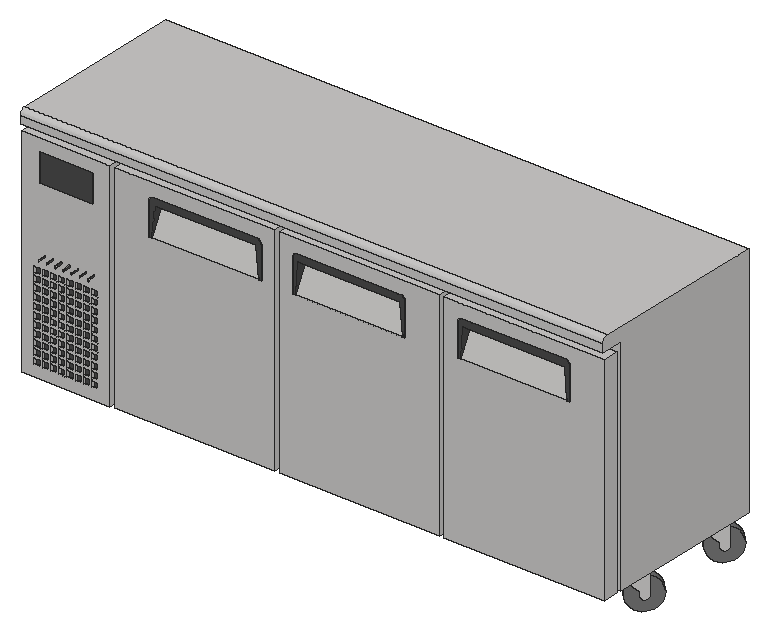
Revit family "QF_Turbo Air_JUR-72N", category Specialty Equipment, Revit 2012
Parameters
  Weight in Pounds = 240
  Watermarked By = "http://revitwatermark.com"
  Volts = 115 V
  URL Cutsheet = ""
  URL = "www.turboairinc.com"
  Status [instance] = ""
  Specification by User [instance] = ""
  Specification by Manufacturer [instance] = ""
  Serial Number [instance] = ""
  Revision Code [instance] = ""
  Phase = 1
  Number of Poles [instance] = 1
  NAFEM Spec ID Number [instance] = ""
  Model = "JUR-72N"
  Masterspec [instance] = ""
  Manufacturer = "Turbo Air"  # constant formula
  Legs [instance] = [6 inch Legs]  # no
  Item Number [instance] = "-"
  Installed By [instance] = ""
  HP = "1/4"
  Furnished By [instance] = ""
  Foodservice Equipment Identifier = yes
  FL Amps = 4.8 A
  Electrical Remarks [instance] = ""
  Electric Connection Type [instance] = ""
  Elec Conn RI Height [instance] = 0' - 0"
  Elec Conn Connection Height = 1' - 0"
  Description = "Undercounter Refrigerator"
  Cycle = 60 Hz
  Conn Plug = "NEMA 5-15P"
  Casters [instance] = not(Legs)  # yes
  CasterLeg Height [instance] = if([4 inch Casters], 0' 5", if([5 inch Casters], 0' 5 3/4", if([2_5 inch Casters], 0' 3 3/8", 0' 6")))  # 0' - 5"
  CSI MasterFormat = "11 41 13"
  Assembly Code = "E1090320"
  Apparent Power = if(Phase = 3, Volts * FL Amps * 1.73, Volts * FL Amps)  # 552 VA
  6 inch Legs [instance] = no
  5 inch Casters [instance] = no
  4 inch Casters [instance] = yes
  2_5 inch Casters [instance] = no
Reference planes (in)
  plane 1 "BACK": y = -5.375
  plane 2: z = 0
  plane 3 "LEFT": x = -20.72594
  plane 4 "Bottom": z = 5
  plane 5 "Back Stops": y = -4.375
  plane 6 "RIGHT": x = 50.14906
  plane 7 "FRONT": y = -29
  plane 8 "Door Clearance": y = -45.125
  plane 9 "Back of Door": y = -25.4375
  plane 10 "Front of Box": y = -24.75
  plane 11 "Counter Top": z = 33.75
  plane 12 "Top of Door": z = 31.25
  plane 13 "Front of Doors": y = -27.25
  plane 14 "Front of Ledge": y = -27.5
  plane 15 "Left of Right Door": x = 30.64906
  plane 16 "Right of Grill": x = -9.97594
  plane 17 "Right of Left Door": x = 10.02406
  plane 18 "Left of Left Door": x = -9.47594
  plane 19: x = 10.58656
  plane 20: x = 30.08656
  plane 21 "Right Handle LR": x = 34.21156
Forms (in)
  Extrusion 1, solid, material "QF_Finishes_Stainless Steel"
    sketch origin (-20.72594, 0, 0) x (0, 1, 0) y (0, 0, 1)
      loop
        line (-5.375, 5) -> (-5.375, 33.75) -> (-26.8125, 33.75)
        arc (-26.8125, 33.75) -> (-27.29864, 33.54864) -> (-27.5, 33.0625) r 0.6875
        line (-27.5, 33.0625) -> (-27.5, 32.125) -> (-24.75, 32.125) -> (-24.75, 5) -> (-5.375, 5)
    from 0 to 70.875
  Extrusion 2, solid, material "QF_Finishes_Black"
    sketch origin (0, -24.75, 0) x (1, 0, 0) y (0, 0, 1)
      loop
        line (49.14906, 6) -> (49.14906, 30.25) -> (31.64906, 30.25) -> (31.64906, 6) -> (49.14906, 6)
      loop
        line (9.02406, 6) -> (9.02406, 30.25) -> (-8.47594, 30.25) -> (-8.47594, 6) -> (9.02406, 6)
      loop
        line (29.08656, 6) -> (29.08656, 30.25) -> (11.58656, 30.25) -> (11.58656, 6) -> (29.08656, 6)
    from 0 to 0.6875
  Extrusion 3, solid, material "QF_Finishes_Black"
    sketch origin (0, -5.375, 0) x (1, 0, 0) y (0, 0, 1)
      loop
        circle (-14.60094, 28.9375) r 0.5
      loop
        circle (44.02406, 28.9375) r 0.5
    from 0 to -1
  Extrusion 4, solid, material "QF_Finishes_Stainless Steel"
    sketch origin (0, -5.375, 0) x (1, 0, 0) y (0, 0, 1)
      loop
        circle (-15.35094, 11.125) r 0.25
    from 0 to -0.0625
  Extrusion 5, solid, material "QF_Finishes_Black"
    sketch origin (0, -24.75, 0) x (1, 0, 0) y (0, 0, 1)
      loop
        line (-19.72594, 5.875) -> (-10.97594, 5.875) -> (-10.97594, 19.125) -> (-19.72594, 19.125) -> (-19.72594, 5.875)
    from 0 to 2.25
  Extrusion 6, solid, material "QF_Finishes_Black"
    sketch origin (0, -24.75, 0) x (1, 0, 0) y (0, 0, 1)
      loop
        line (-18.53844, 29.75) -> (-18.53844, 26.375) -> (-12.16344, 26.375) -> (-12.16344, 29.75) -> (-18.53844, 29.75)
    from 0 to 2.5
  Extrusion 7, solid, material "QF_Finishes_Stainless Steel"
    sketch origin (0, -24.75, 0) x (1, 0, 0) y (0, 0, 1)
      loop
        line (-20.72594, 31.25) -> (-20.72594, 5) -> (-9.97594, 5) -> (-9.97594, 31.25) -> (-20.72594, 31.25)
      loop
        line (-11.47594, 7.125) -> (-12.22594, 7.125) -> (-12.22594, 6.375) -> (-11.47594, 6.375) -> (-11.47594, 7.125)
      loop
        line (-12.47594, 7.125) -> (-13.22594, 7.125) -> (-13.22594, 6.375) -> (-12.47594, 6.375) -> (-12.47594, 7.125)
      loop
        line (-13.47594, 7.125) -> (-14.22594, 7.125) -> (-14.22594, 6.375) -> (-13.47594, 6.375) -> (-13.47594, 7.125)
      loop
        line (-14.47594, 7.125) -> (-15.22594, 7.125) -> (-15.22594, 6.375) -> (-14.47594, 6.375) -> (-14.47594, 7.125)
      loop
        line (-15.47594, 7.125) -> (-16.22594, 7.125) -> (-16.22594, 6.375) -> (-15.47594, 6.375) -> (-15.47594, 7.125)
      loop
        line (-16.47594, 7.125) -> (-17.22594, 7.125) -> (-17.22594, 6.375) -> (-16.47594, 6.375) -> (-16.47594, 7.125)
      loop
        line (-17.47594, 7.125) -> (-18.22594, 7.125) -> (-18.22594, 6.375) -> (-17.47594, 6.375) -> (-17.47594, 7.125)
      loop
        line (-18.47594, 7.125) -> (-19.22594, 7.125) -> (-19.22594, 6.375) -> (-18.47594, 6.375) -> (-18.47594, 7.125)
      loop
        line (-11.47594, 8.125) -> (-12.22594, 8.125) -> (-12.22594, 7.375) -> (-11.47594, 7.375) -> (-11.47594, 8.125)
      loop
        line (-12.47594, 8.125) -> (-13.22594, 8.125) -> (-13.22594, 7.375) -> (-12.47594, 7.375) -> (-12.47594, 8.125)
      loop
        line (-13.47594, 8.125) -> (-14.22594, 8.125) -> (-14.22594, 7.375) -> (-13.47594, 7.375) -> (-13.47594, 8.125)
      loop
        line (-14.47594, 8.125) -> (-15.22594, 8.125) -> (-15.22594, 7.375) -> (-14.47594, 7.375) -> (-14.47594, 8.125)
      loop
        line (-15.47594, 8.125) -> (-16.22594, 8.125) -> (-16.22594, 7.375) -> (-15.47594, 7.375) -> (-15.47594, 8.125)
      loop
        line (-16.47594, 8.125) -> (-17.22594, 8.125) -> (-17.22594, 7.375) -> (-16.47594, 7.375) -> (-16.47594, 8.125)
      loop
        line (-17.47594, 8.125) -> (-18.22594, 8.125) -> (-18.22594, 7.375) -> (-17.47594, 7.375) -> (-17.47594, 8.125)
      loop
        line (-18.47594, 8.125) -> (-19.22594, 8.125) -> (-19.22594, 7.375) -> (-18.47594, 7.375) -> (-18.47594, 8.125)
      loop
        line (-11.47594, 9.125) -> (-12.22594, 9.125) -> (-12.22594, 8.375) -> (-11.47594, 8.375) -> (-11.47594, 9.125)
      loop
        line (-12.47594, 9.125) -> (-13.22594, 9.125) -> (-13.22594, 8.375) -> (-12.47594, 8.375) -> (-12.47594, 9.125)
      loop
        line (-13.47594, 9.125) -> (-14.22594, 9.125) -> (-14.22594, 8.375) -> (-13.47594, 8.375) -> (-13.47594, 9.125)
      loop
        line (-14.47594, 9.125) -> (-15.22594, 9.125) -> (-15.22594, 8.375) -> (-14.47594, 8.375) -> (-14.47594, 9.125)
      loop
        line (-15.47594, 9.125) -> (-16.22594, 9.125) -> (-16.22594, 8.375) -> (-15.47594, 8.375) -> (-15.47594, 9.125)
      loop
        line (-16.47594, 9.125) -> (-17.22594, 9.125) -> (-17.22594, 8.375) -> (-16.47594, 8.375) -> (-16.47594, 9.125)
      loop
        line (-17.47594, 9.125) -> (-18.22594, 9.125) -> (-18.22594, 8.375) -> (-17.47594, 8.375) -> (-17.47594, 9.125)
      loop
        line (-18.47594, 9.125) -> (-19.22594, 9.125) -> (-19.22594, 8.375) -> (-18.47594, 8.375) -> (-18.47594, 9.125)
      loop
        line (-11.47594, 10.125) -> (-12.22594, 10.125) -> (-12.22594, 9.375) -> (-11.47594, 9.375) -> (-11.47594, 10.125)
      loop
        line (-12.47594, 10.125) -> (-13.22594, 10.125) -> (-13.22594, 9.375) -> (-12.47594, 9.375) -> (-12.47594, 10.125)
      loop
        line (-13.47594, 10.125) -> (-14.22594, 10.125) -> (-14.22594, 9.375) -> (-13.47594, 9.375) -> (-13.47594, 10.125)
      loop
        line (-14.47594, 10.125) -> (-15.22594, 10.125) -> (-15.22594, 9.375) -> (-14.47594, 9.375) -> (-14.47594, 10.125)
      loop
        line (-15.47594, 10.125) -> (-16.22594, 10.125) -> (-16.22594, 9.375) -> (-15.47594, 9.375) -> (-15.47594, 10.125)
      loop
        line (-16.47594, 10.125) -> (-17.22594, 10.125) -> (-17.22594, 9.375) -> (-16.47594, 9.375) -> (-16.47594, 10.125)
      loop
        line (-17.47594, 10.125) -> (-18.22594, 10.125) -> (-18.22594, 9.375) -> (-17.47594, 9.375) -> (-17.47594, 10.125)
      loop
        line (-18.47594, 10.125) -> (-19.22594, 10.125) -> (-19.22594, 9.375) -> (-18.47594, 9.375) -> (-18.47594, 10.125)
      loop
        line (-11.47594, 11.125) -> (-12.22594, 11.125) -> (-12.22594, 10.375) -> (-11.47594, 10.375) -> (-11.47594, 11.125)
      loop
        line (-12.47594, 11.125) -> (-13.22594, 11.125) -> (-13.22594, 10.375) -> (-12.47594, 10.375) -> (-12.47594, 11.125)
      loop
        line (-13.47594, 11.125) -> (-14.22594, 11.125) -> (-14.22594, 10.375) -> (-13.47594, 10.375) -> (-13.47594, 11.125)
      loop
        line (-14.47594, 11.125) -> (-15.22594, 11.125) -> (-15.22594, 10.375) -> (-14.47594, 10.375) -> (-14.47594, 11.125)
      loop
        line (-15.47594, 11.125) -> (-16.22594, 11.125) -> (-16.22594, 10.375) -> (-15.47594, 10.375) -> (-15.47594, 11.125)
      loop
        line (-16.47594, 11.125) -> (-17.22594, 11.125) -> (-17.22594, 10.375) -> (-16.47594, 10.375) -> (-16.47594, 11.125)
      loop
        line (-17.47594, 11.125) -> (-18.22594, 11.125) -> (-18.22594, 10.375) -> (-17.47594, 10.375) -> (-17.47594, 11.125)
      loop
        line (-18.47594, 11.125) -> (-19.22594, 11.125) -> (-19.22594, 10.375) -> (-18.47594, 10.375) -> (-18.47594, 11.125)
      loop
        line (-11.47594, 12.125) -> (-12.22594, 12.125) -> (-12.22594, 11.375) -> (-11.47594, 11.375) -> (-11.47594, 12.125)
      loop
        line (-12.47594, 12.125) -> (-13.22594, 12.125) -> (-13.22594, 11.375) -> (-12.47594, 11.375) -> (-12.47594, 12.125)
      loop
        line (-13.47594, 12.125) -> (-14.22594, 12.125) -> (-14.22594, 11.375) -> (-13.47594, 11.375) -> (-13.47594, 12.125)
      loop
        line (-14.47594, 12.125) -> (-15.22594, 12.125) -> (-15.22594, 11.375) -> (-14.47594, 11.375) -> (-14.47594, 12.125)
      loop
        line (-15.47594, 12.125) -> (-16.22594, 12.125) -> (-16.22594, 11.375) -> (-15.47594, 11.375) -> (-15.47594, 12.125)
      loop
        line (-16.47594, 12.125) -> (-17.22594, 12.125) -> (-17.22594, 11.375) -> (-16.47594, 11.375) -> (-16.47594, 12.125)
      loop
        line (-17.47594, 12.125) -> (-18.22594, 12.125) -> (-18.22594, 11.375) -> (-17.47594, 11.375) -> (-17.47594, 12.125)
      loop
        line (-18.47594, 12.125) -> (-19.22594, 12.125) -> (-19.22594, 11.375) -> (-18.47594, 11.375) -> (-18.47594, 12.125)
      loop
        line (-11.47594, 13.125) -> (-12.22594, 13.125) -> (-12.22594, 12.375) -> (-11.47594, 12.375) -> (-11.47594, 13.125)
      loop
        line (-12.47594, 13.125) -> (-13.22594, 13.125) -> (-13.22594, 12.375) -> (-12.47594, 12.375) -> (-12.47594, 13.125)
      loop
        line (-13.47594, 13.125) -> (-14.22594, 13.125) -> (-14.22594, 12.375) -> (-13.47594, 12.375) -> (-13.47594, 13.125)
      loop
        line (-14.47594, 13.125) -> (-15.22594, 13.125) -> (-15.22594, 12.375) -> (-14.47594, 12.375) -> (-14.47594, 13.125)
      loop
        line (-15.47594, 13.125) -> (-16.22594, 13.125) -> (-16.22594, 12.375) -> (-15.47594, 12.375) -> (-15.47594, 13.125)
      loop
        line (-16.47594, 13.125) -> (-17.22594, 13.125) -> (-17.22594, 12.375) -> (-16.47594, 12.375) -> (-16.47594, 13.125)
      loop
        line (-17.47594, 13.125) -> (-18.22594, 13.125) -> (-18.22594, 12.375) -> (-17.47594, 12.375) -> (-17.47594, 13.125)
      loop
        line (-18.47594, 13.125) -> (-19.22594, 13.125) -> (-19.22594, 12.375) -> (-18.47594, 12.375) -> (-18.47594, 13.125)
      loop
        line (-11.47594, 14.125) -> (-12.22594, 14.125) -> (-12.22594, 13.375) -> (-11.47594, 13.375) -> (-11.47594, 14.125)
      loop
        line (-12.47594, 14.125) -> (-13.22594, 14.125) -> (-13.22594, 13.375) -> (-12.47594, 13.375) -> (-12.47594, 14.125)
      loop
        line (-13.47594, 14.125) -> (-14.22594, 14.125) -> (-14.22594, 13.375) -> (-13.47594, 13.375) -> (-13.47594, 14.125)
      loop
        line (-14.47594, 14.125) -> (-15.22594, 14.125) -> (-15.22594, 13.375) -> (-14.47594, 13.375) -> (-14.47594, 14.125)
      loop
        line (-15.47594, 14.125) -> (-16.22594, 14.125) -> (-16.22594, 13.375) -> (-15.47594, 13.375) -> (-15.47594, 14.125)
      loop
        line (-16.47594, 14.125) -> (-17.22594, 14.125) -> (-17.22594, 13.375) -> (-16.47594, 13.375) -> (-16.47594, 14.125)
      loop
        line (-17.47594, 14.125) -> (-18.22594, 14.125) -> (-18.22594, 13.375) -> (-17.47594, 13.375) -> (-17.47594, 14.125)
      loop
        line (-18.47594, 14.125) -> (-19.22594, 14.125) -> (-19.22594, 13.375) -> (-18.47594, 13.375) -> (-18.47594, 14.125)
      loop
        line (-11.47594, 15.125) -> (-12.22594, 15.125) -> (-12.22594, 14.375) -> (-11.47594, 14.375) -> (-11.47594, 15.125)
      loop
        line (-12.47594, 15.125) -> (-13.22594, 15.125) -> (-13.22594, 14.375) -> (-12.47594, 14.375) -> (-12.47594, 15.125)
      loop
        line (-13.47594, 15.125) -> (-14.22594, 15.125) -> (-14.22594, 14.375) -> (-13.47594, 14.375) -> (-13.47594, 15.125)
      loop
        line (-14.47594, 15.125) -> (-15.22594, 15.125) -> (-15.22594, 14.375) -> (-14.47594, 14.375) -> (-14.47594, 15.125)
      loop
        line (-15.47594, 15.125) -> (-16.22594, 15.125) -> (-16.22594, 14.375) -> (-15.47594, 14.375) -> (-15.47594, 15.125)
      loop
        line (-16.47594, 15.125) -> (-17.22594, 15.125) -> (-17.22594, 14.375) -> (-16.47594, 14.375) -> (-16.47594, 15.125)
      loop
        line (-17.47594, 15.125) -> (-18.22594, 15.125) -> (-18.22594, 14.375) -> (-17.47594, 14.375) -> (-17.47594, 15.125)
      loop
        line (-18.47594, 15.125) -> (-19.22594, 15.125) -> (-19.22594, 14.375) -> (-18.47594, 14.375) -> (-18.47594, 15.125)
      loop
        line (-11.47594, 16.125) -> (-12.22594, 16.125) -> (-12.22594, 15.375) -> (-11.47594, 15.375) -> (-11.47594, 16.125)
      loop
        line (-12.47594, 16.125) -> (-13.22594, 16.125) -> (-13.22594, 15.375) -> (-12.47594, 15.375) -> (-12.47594, 16.125)
      loop
        line (-13.47594, 16.125) -> (-14.22594, 16.125) -> (-14.22594, 15.375) -> (-13.47594, 15.375) -> (-13.47594, 16.125)
      loop
        line (-14.47594, 16.125) -> (-15.22594, 16.125) -> (-15.22594, 15.375) -> (-14.47594, 15.375) -> (-14.47594, 16.125)
      loop
        line (-15.47594, 16.125) -> (-16.22594, 16.125) -> (-16.22594, 15.375) -> (-15.47594, 15.375) -> (-15.47594, 16.125)
      loop
        line (-16.47594, 16.125) -> (-17.22594, 16.125) -> (-17.22594, 15.375) -> (-16.47594, 15.375) -> (-16.47594, 16.125)
      loop
        line (-17.47594, 16.125) -> (-18.22594, 16.125) -> (-18.22594, 15.375) -> (-17.47594, 15.375) -> (-17.47594, 16.125)
      loop
        line (-18.47594, 16.125) -> (-19.22594, 16.125) -> (-19.22594, 15.375) -> (-18.47594, 15.375) -> (-18.47594, 16.125)
      loop
        line (-11.47594, 17.125) -> (-12.22594, 17.125) -> (-12.22594, 16.375) -> (-11.47594, 16.375) -> (-11.47594, 17.125)
      loop
        line (-12.47594, 17.125) -> (-13.22594, 17.125) -> (-13.22594, 16.375) -> (-12.47594, 16.375) -> (-12.47594, 17.125)
      loop
        line (-13.47594, 17.125) -> (-14.22594, 17.125) -> (-14.22594, 16.375) -> (-13.47594, 16.375) -> (-13.47594, 17.125)
      loop
        line (-14.47594, 17.125) -> (-15.22594, 17.125) -> (-15.22594, 16.375) -> (-14.47594, 16.375) -> (-14.47594, 17.125)
      loop
        line (-15.47594, 17.125) -> (-16.22594, 17.125) -> (-16.22594, 16.375) -> (-15.47594, 16.375) -> (-15.47594, 17.125)
      loop
        line (-16.47594, 17.125) -> (-17.22594, 17.125) -> (-17.22594, 16.375) -> (-16.47594, 16.375) -> (-16.47594, 17.125)
      loop
        line (-17.47594, 17.125) -> (-18.22594, 17.125) -> (-18.22594, 16.375) -> (-17.47594, 16.375) -> (-17.47594, 17.125)
      loop
        line (-18.47594, 17.125) -> (-19.22594, 17.125) -> (-19.22594, 16.375) -> (-18.47594, 16.375) -> (-18.47594, 17.125)
      loop
        arc (-14.68933, 17.96339) -> (-14.68933, 17.78661) -> (-14.51255, 17.78661) r 0.125
        line (-14.51255, 17.78661) -> (-13.80544, 18.49372)
        arc (-13.80544, 18.49372) -> (-13.80544, 18.6705) -> (-13.98222, 18.6705) r 0.125
        line (-13.98222, 18.6705) -> (-14.68933, 17.96339)
      loop
        arc (-13.68933, 17.96339) -> (-13.68933, 17.78661) -> (-13.51255, 17.78661) r 0.125
        line (-13.51255, 17.78661) -> (-12.80544, 18.49372)
        arc (-12.80544, 18.49372) -> (-12.80544, 18.6705) -> (-12.98222, 18.6705) r 0.125
        line (-12.98222, 18.6705) -> (-13.68933, 17.96339)
      loop
        arc (-12.68933, 17.96339) -> (-12.68933, 17.78661) -> (-12.51255, 17.78661) r 0.125
        line (-12.51255, 17.78661) -> (-11.80544, 18.49372)
        arc (-11.80544, 18.49372) -> (-11.80544, 18.6705) -> (-11.98222, 18.6705) r 0.125
        line (-11.98222, 18.6705) -> (-12.68933, 17.96339)
      loop
        arc (-17.68933, 17.96339) -> (-17.68933, 17.78661) -> (-17.51255, 17.78661) r 0.125
        line (-17.51255, 17.78661) -> (-16.80544, 18.49372)
        arc (-16.80544, 18.49372) -> (-16.80544, 18.6705) -> (-16.98222, 18.6705) r 0.125
        line (-16.98222, 18.6705) -> (-17.68933, 17.96339)
      loop
        arc (-16.68933, 17.96339) -> (-16.68933, 17.78661) -> (-16.51255, 17.78661) r 0.125
        line (-16.51255, 17.78661) -> (-15.80544, 18.49372)
        arc (-15.80544, 18.49372) -> (-15.80544, 18.6705) -> (-15.98222, 18.6705) r 0.125
        line (-15.98222, 18.6705) -> (-16.68933, 17.96339)
      loop
        arc (-15.68933, 17.96339) -> (-15.68933, 17.78661) -> (-15.51255, 17.78661) r 0.125
        line (-15.51255, 17.78661) -> (-14.80544, 18.49372)
        arc (-14.80544, 18.49372) -> (-14.80544, 18.6705) -> (-14.98222, 18.6705) r 0.125
        line (-14.98222, 18.6705) -> (-15.68933, 17.96339)
      loop
        arc (-18.68933, 17.96339) -> (-18.68933, 17.78661) -> (-18.51255, 17.78661) r 0.125
        line (-18.51255, 17.78661) -> (-17.80544, 18.49372)
        arc (-17.80544, 18.49372) -> (-17.80544, 18.6705) -> (-17.98222, 18.6705) r 0.125
        line (-17.98222, 18.6705) -> (-18.68933, 17.96339)
      loop
        line (-12.16344, 29.75) -> (-18.53844, 29.75) -> (-18.53844, 26.375) -> (-12.16344, 26.375) -> (-12.16344, 29.75)
    from 0 to 2.5
Lines and regions (in)
  symbolic lines
    curve 1: line (-20.72594, -5.375, 33.75) -> (50.14906, -5.375, 33.75)
    curve 2: line (-20.72594, -29, 33.75) -> (-20.72594, -5.375, 33.75)
    curve 3: line (50.14906, -29, 33.75) -> (-20.72594, -29, 33.75)
    curve 4: line (50.14906, -5.375, 33.75) -> (50.14906, -29, 33.75)
    curve 5: line (43.52406, -4.375, 33.75) -> (44.52406, -4.375, 33.75)
    curve 6: line (-15.10094, -4.375, 33.75) -> (-14.10094, -4.375, 33.75)
    curve 7: line (-15.10094, -4.375, 33.75) -> (-15.10094, -5.375, 33.75)
    curve 8: line (-14.10094, -4.375, 33.75) -> (-14.10094, -5.375, 33.75)
    curve 9: line (43.52406, -4.375, 33.75) -> (43.52406, -5.375, 33.75)
    curve 10: line (44.52406, -4.375, 33.75) -> (44.52406, -5.375, 33.75)
  symbolic lines, style "QF_Clearances", detail levels coarse
    curve 11: line (50.14906, -29, 33.75) -> (50.14906, -45.125, 33.75)
    curve 12: arc (50.14906, -45.125, 33.75) -> (37.63048, -40.55698, 33.75) -> (30.99589, -29, 33.75) r 19.4375
    curve 13: line (-9.47594, -29, 33.75) -> (-9.47594, -45.125, 33.75)
    curve 14: arc (-9.47594, -45.125, 33.75) -> (3.04264, -40.55698, 33.75) -> (9.67723, -29, 33.75) r 19.4375
    curve 15: line (30.08656, -29, 33.75) -> (30.08656, -45.125, 33.75)
    curve 16: arc (30.08656, -45.125, 33.75) -> (17.56798, -40.55698, 33.75) -> (10.93339, -29, 33.75) r 19.4375
Dimensions and locks (in)
  "CasterLeg Height": plane 4 "Bottom" to plane 2
  locked: plane 1 "BACK" to plane 5 "Back Stops" at 1
  locked: plane 6 "RIGHT" to plane 3 "LEFT" at 70.875
  locked: plane 7 "FRONT" to plane 1 "BACK" at 23.625
  locked: plane 9 "Back of Door" to plane 10 "Front of Box" at 0.6875
  locked: plane 11 "Counter Top" to plane 4 "Bottom" at 28.75
  locked: Extrusion 2 sketch curve to plane 6 "RIGHT" at 1
  locked: nested 1 to plane 1 "BACK" at 2.5625
  locked: plane 3 "LEFT" to nested 1 at 2.5
  locked: plane 3 "LEFT" to nested 2 at 2.5
  locked: plane 10 "Front of Box" to nested 2 at 4.625
  locked: nested 3 to plane 6 "RIGHT" at 2.5
  locked: nested 4 to plane 6 "RIGHT" at 2.5
  locked: plane 10 "Front of Box" to nested 4 at 4.625
  locked: nested 3 to plane 1 "BACK" at 2.5625
  locked: plane 11 "Counter Top" to Extrusion 3 sketch curve at 4.8125  (x2)
  locked: plane 6 "RIGHT" to Extrusion 3 sketch curve at 6.125
  locked: Extrusion 3 sketch curve to plane 3 "LEFT" at 6.125
  locked: Extrusion 4 sketch curve to plane 4 "Bottom" at 6.125
  locked: Extrusion 2 sketch curve to plane 4 "Bottom" at 1  (x3)
  locked: plane 12 "Top of Door" to Extrusion 2 sketch curve at 1  (x3)
  locked: plane 13 "Front of Doors" to plane 10 "Front of Box" at 2.5
  locked: plane 14 "Front of Ledge" to plane 13 "Front of Doors" at 0.25
  locked: plane 11 "Counter Top" to plane 12 "Top of Door" at 2.5
  locked: plane 11 "Counter Top" to Extrusion 1 sketch curve at 1.625
  locked: plane 15 "Left of Right Door" to plane 6 "RIGHT" at 19.5
  locked: plane 3 "LEFT" to plane 16 "Right of Grill" at 10.75
  locked: Extrusion 2 sketch curve to plane 15 "Left of Right Door" at 1
  locked: plane 3 "LEFT" to Extrusion 5 sketch curve at 1
  locked: plane 16 "Right of Grill" to Extrusion 5 sketch curve at 1
  locked: Extrusion 5 sketch curve to plane 4 "Bottom" at 0.875
  locked: Extrusion 5 sketch curve to Extrusion 5 sketch curve at 13.25
  locked: Extrusion 4 sketch curve to plane 3 "LEFT" at 5.375
  locked: plane 16 "Right of Grill" to plane 18 "Left of Left Door" at 0.5
  locked: plane 18 "Left of Left Door" to plane 17 "Right of Left Door" at 19.5
  locked: Extrusion 2 sketch curve to plane 17 "Right of Left Door" at 1
  locked: Extrusion 2 sketch curve to plane 18 "Left of Left Door" at 1
  plane 19 to plane 20 = 1' - 7 1/2"
  locked: plane 20 to plane 15 "Left of Right Door" at 0.5625
  locked: Extrusion 2 sketch curve to plane 19 at 1
  locked: Extrusion 2 sketch curve to plane 20 at 1
  locked: plane 8 "Door Clearance" to plane 7 "FRONT" at 16.125
  aligned and locked: level to plane 2
  aligned and locked: Extrusion 1 sketch curve to plane 1 "BACK"
  aligned and locked: Extrusion 1 sketch curve to plane 4 "Bottom"
  aligned and locked: plane 10 "Front of Box" to Extrusion 1 sketch curve
  aligned and locked: plane 6 "RIGHT" to Extrusion 1
  aligned and locked: plane 9 "Back of Door" to Extrusion 2
  aligned and locked: Extrusion 1 sketch curve to plane 11 "Counter Top"
  aligned and locked: Extrusion 3 to plane 5 "Back Stops"
  aligned and locked: plane 1 "BACK" to curve 1
  aligned and locked: plane 3 "LEFT" to curve 2
  aligned and locked: curve 3 to plane 7 "FRONT"
  aligned and locked: curve 5 to Extrusion 3
  aligned and locked: curve 6 to Extrusion 3
  aligned and locked: plane 4 "Bottom" to nested 5
  aligned and locked: Extrusion 1 sketch curve to plane 14 "Front of Ledge"
  aligned and locked: plane 13 "Front of Doors" to Extrusion 6
  aligned and locked: plane 6 "RIGHT" to nested 5
  aligned and locked: plane 17 "Right of Left Door" to nested 6
  aligned and locked: nested 6 to plane 4 "Bottom"
  aligned and locked: plane 4 "Bottom" to nested 7
  aligned and locked: plane 20 to nested 7
Automatic sketch dimensions
  Extrusion 6 sketch curve to plane 16 "Right of Grill" = 0' - 2 3/16"
  Extrusion 6 sketch curve to plane 12 "Top of Door" = 0' - 4 7/8"
  Extrusion 6 sketch curve to plane 12 "Top of Door" = 0' - 1 1/2"
  Extrusion 7 sketch curve to plane 3 "LEFT" = 0' - 0"
  Extrusion 7 sketch curve to plane 12 "Top of Door" = 0' - 0"
  Extrusion 7 sketch curve to plane 16 "Right of Grill" = 0' - 0"
  Extrusion 7 sketch curve to plane 4 "Bottom" = 0' - 0"
  Extrusion 7 sketch curve to Extrusion 7 sketch curve = 0' - 0"  (x161)
  Extrusion 7 sketch curve to Extrusion 7 sketch curve = 0' - 0.53661"
  Extrusion 7 sketch curve to Extrusion 7 sketch curve = 0' - 0.08839"  (x42)
  Extrusion 7 sketch curve to Extrusion 7 sketch curve = 0' - 0 3/4"  (x52)
  Extrusion 7 sketch curve to Extrusion 7 sketch curve = 0' - 0.03661"  (x7)
  Extrusion 7 sketch curve to Extrusion 7 sketch curve = 0' - 0 1/4"  (x126)
  Extrusion 7 sketch curve to Extrusion 7 sketch curve = 0' - 0.70711"  (x2)
  Extrusion 7 sketch curve to Extrusion 7 sketch curve = 0' - 0.11612"  (x6)
  Extrusion 7 sketch curve to Extrusion 7 sketch curve = 0' - 0.82322"  (x6)
  Extrusion 7 sketch curve to plane 16 "Right of Grill" = 0' - 2 3/16"
  plane 4 "Bottom" to Extrusion 7 sketch curve = 0' - 1 3/8"  (x2)
  Extrusion 7 sketch curve to Extrusion 7 sketch curve = 0' - 0.66161"  (x7)
  Extrusion 7 sketch curve to Extrusion 7 sketch curve = 0' - 0.53033"  (x6)
  Extrusion 7 sketch curve to plane 12 "Top of Door" = 0' - 4 7/8"
  Extrusion 7 sketch curve to plane 12 "Top of Door" = 0' - 1 1/2"
  curve 11 to plane 6 "RIGHT" = 0' - 0"
  plane 8 "Door Clearance" to curve 11 = 0' - 0"
  plane 8 "Door Clearance" to curve 14 = 0' - 0"
  plane 8 "Door Clearance" to curve 15 = 0' - 0"
  curve 16 to plane 20 = 0' - 0"
  curve 14 to plane 18 "Left of Left Door" = 0' - 0"
  plane 9 "Back of Door" to curve 12 = 0' - 0 1/4"
  plane 9 "Back of Door" to curve 16 = 0' - 0 1/4"
  plane 9 "Back of Door" to curve 14 = 0' - 0 1/4"
  curve 10 to curve 9 = 0' - 1"
  curve 8 to plane 16 "Right of Grill" = 0' - 4 1/8"
  curve 8 to curve 7 = 0' - 1"
  Extrusion 1 sketch curve to plane 13 "Front of Doors" = 0' - 0 7/16"
  plane 3 "LEFT" to Extrusion 6 sketch curve = 0' - 2 3/16"
  plane 3 "LEFT" to Extrusion 7 sketch curve = 0' - 1 1/2"  (x4)
  plane 3 "LEFT" to Extrusion 7 sketch curve = 0' - 2 3/16"
  curve 10 to plane 6 "RIGHT" = 0' - 5 5/8"
  radius of Extrusion 3 sketch curve = 0' - 0 1/2"  (x2)
  radius of Extrusion 4 sketch curve = 0' - 0 1/4"
Nested families (in)
  nested 1: "FESCasterLeg" at (-18.22594, -7.9375, 0), Legs <- "Legs", Casters <- "Casters", Height <- "CasterLeg Height", type "FESCasterLeg"
    with Legs no, Height 0' - 5", Casters yes, Caster Radius 0' - 2"
  nested 2: "FESCasterLeg" at (-18.22594, -20.125, 0), Legs <- "Legs", Casters <- "Casters", Height <- "CasterLeg Height", type "FESCasterLeg"
    with Legs no, Height 0' - 5", Casters yes, Caster Radius 0' - 2"
  nested 3: "FESCasterLeg" at (47.64906, -7.9375, 0), Legs <- "Legs", Casters <- "Casters", Height <- "CasterLeg Height", type "FESCasterLeg"
    with Legs no, Height 0' - 5", Casters yes, Caster Radius 0' - 2"
  nested 4: "FESCasterLeg" at (47.64906, -20.125, 0), Legs <- "Legs", Casters <- "Casters", Height <- "CasterLeg Height", type "FESCasterLeg"
    with Legs no, Height 0' - 5", Casters yes, Caster Radius 0' - 2"
  nested 5: "QF_Turbo Air_TBL_Door-1" at (34.97239, -25.4375, 5) x (-1, 0, 0) z (0, 0, 1), type "QF_Turbo Air_TBL_Door-1"
    with Width 1' - 7 1/2", Symbolic Lines no, Height 2' - 2 1/4", Handle Width 1' - 1 11/16", Depth 0' - 1 13/16"
  nested 6: "QF_Turbo Air_TBL_Door-1" at (5.70073, -25.4375, 5), type "QF_Turbo Air_TBL_Door-1"
    with Width 1' - 7 1/2", Symbolic Lines no, Height 2' - 2 1/4", Handle Width 1' - 1 11/16", Depth 0' - 1 13/16"
  nested 7: "QF_Turbo Air_TBL_Door-1" at (14.90989, -25.4375, 5) x (-1, 0, 0) z (0, 0, 1), type "QF_Turbo Air_TBL_Door-1"
    with Width 1' - 7 1/2", Symbolic Lines no, Height 2' - 2 1/4", Handle Width 1' - 1 11/16", Depth 0' - 1 13/16"
Connectors (in)
  electrical at (-15.35094, -5.3125, 11.125), driven by "Number of Poles", driven by "Volts", driven by "Apparent Power"
    settings: on Extrusion 4, index 1, voltage 115 V, apparent load 552 VA, apparent load phase1 0 VA, apparent load phase2 0 VA, apparent load phase3 0 VA, power factor 1, load classification "Other", number of poles 1, system type 30, power factor state 1, is connector primary yes, connector utility no, sub classification motor no, connector description ""
Definition of nested family "FESCasterLeg"
  Parameters (values of type "FESCasterLeg")
    Watermarked By = "http://revitwatermark.com"
    Type Comments = "⍁⍉⌁⌀⏭⎽⌇⍠⌜⍉⎖⌥⌦⌯⍭⏊⍻⍿⍊⏵⍊⏗⏠⍴⎡⌈⎀⍠⌓⌤⏘⎐⍀⌐⏬⏁⎈⏍⏦⎒⏬⌝⍩⍇⌣〈⎫〉⎁⏊⍥⍖⍥⍝⍦⌖⍀⏌⏭⎝⎼⏷⏞⍻⏯⎽⏷⏞⍻⏯⎽⏷⎺⌻⎝⍎⌧⏷⏟⏿⌿⍜⍦⍤⌁⍬⏶⏎⍊⏚⏉⎞⌡⎀⎪⏈⌟⌿⍾⍼⌟⌿⌢⌞⏜⏝⎽⍷⍷⍯⍧⍷⌯⍽⏸⏨⏾⏎⌣⏺⍹⏼⏅⎏⌽⎫⎪⍙⎓⏗⎗⏅⌴⍏⍏⍿⏑⎺⍘⌭⏲⍥⎛⎾⎾⍞⍌⎪⎲⌙⎥⏏⎟⎟⏼⏘⎏⎝⏧⏍⏁⍏⍧⏯⏾⌟"
    Legs [instance] = yes
    Height [instance] = 0' - 6"
    Caster Radius [instance] = if(Height < 0' 3", 0' 1", (Height / 2) - 0' 0 1/2")  # 0' - 2 1/2"
    Casters [instance] = yes
    Assembly Code = ""
  Reference planes (in)
    plane 1 "Center (Front/Back)": y = 0
    plane 2: z = 0
    plane 3 "Center (Left/Right)": x = 0
    plane 4: z = 6
    plane 5: z = 5.5
  Forms (in)
    Extrusion 1, solid, material "QF_Finishes_Stainless Steel", visible <- "Casters"
      sketch origin (-24.12131, -22.88887, 10.18833) x (0.707107, 0.707107, 0) y (0, 0, 1)
        loop
          line (34.98772, -7.68833) -> (34.98772, -4.93833) -> (34.48772, -4.93833) -> (34.39402, -4.68833) -> (32.39402, -4.68833) -> (32.39402, -5.43833) -> (33.98772, -7.34206) -> (33.98772, -7.68833)
          arc (33.98772, -7.68833) -> (34.48772, -8.18833) -> (34.98772, -7.68833) r 0.5
      from 0 to 1.75
    Extrusion 2, solid, material "QF_Finishes_Rubber Black", visible <- "Casters"
      sketch origin (-24.32327, -23.09083, 13.31461) x (0.707107, 0.707107, 0) y (0, 0, 1)
        loop
          circle (34.77334, -10.81461) r 2.5
      from 0.375 to 1.375
    Extrusion 3, solid, material "QF_Finishes_Stainless Steel", visible <- "Casters"
      sketch origin (-7.24148, -8.48391, 0) x (0.707107, 0.707107, 0) y (0, 0, 1)
        loop
          line (10.61603, 5.5) -> (11.61603, 5.5) -> (11.61603, 6) -> (10.61603, 6) -> (10.61603, 5.5)
      from 0 to -1.75
    Blend 4, solid, material "QF_Finishes_Stainless Steel", visible <- "Legs"
      base sketch origin (0, 0, 0) x (1, 0, 0) y (0, 1, 0)
        loop
          circle (0, 0) r 0.5
      top sketch origin (0, 0, 0) x (1, 0, 0) y (0, 1, 0)
        loop
          circle (0, 0) r 1
      from 0 to 6 <- "Height"
  Lines and regions (in)
    symbolic lines, style "QF_Hidden Details", visible <- "Casters", built-in parameter 1006206 <- "Casters"
      curve 1: line (-1.26158, -0.51911, 0) -> (1.39007, 2.13254, 0)
      curve 2: line (-0.53429, -1.24639, 0) -> (2.11736, 1.40526, 0)
    symbolic lines, style "QF_Hidden Details", built-in parameter 1006206 <- "Casters", visible <- "Casters"
      curve 3: line (-1.26158, -0.51911, 0) -> (1.39007, 2.13254, 0)
      curve 4: line (-0.53429, -1.24639, 0) -> (2.11736, 1.40526, 0)
  Dimensions and locks (in)
    locked: plane 4 to plane 5 at 0.5
    "Height": plane 4 to level
    "Caster Radius": Extrusion 2 sketch curve to level
    "Caster Radius": Extrusion 1 sketch curve to level
    "Caster Radius": radius of Extrusion 2 sketch curve
    aligned and locked: plane 2 to level
    aligned: Blend 4 to Extrusion 3
    aligned and locked: plane 4 to Blend 4
    aligned and locked: Extrusion 3 to plane 5
    aligned and locked: plane 4 to Extrusion 3
    aligned and locked: plane 5 to Extrusion 1
  Automatic sketch dimensions
    plane 1 "Center (Front/Back)" to curve 3 = 0' - 0.51911"
    curve 3 to plane 3 "Center (Left/Right)" = 0' - 1.26158"
    plane 1 "Center (Front/Back)" to curve 1 = 0' - 0.51911"
    curve 1 to curve 3 = 0' - 0"  (x3)
    curve 4 to plane 3 "Center (Left/Right)" = 0' - 0.53429"
    curve 2 to curve 4 = 0' - 0"  (x2)
    plane 3 "Center (Left/Right)" to curve 3 = 0' - 1.39007"
    curve 1 to curve 4 = 0' - 0.72729"
    curve 2 to curve 1 = 0' - 0.72729"
    curve 4 to curve 2 = 0' - 0"  (x2)
    curve 2 to plane 1 "Center (Front/Back)" = 0' - 1.40526"
    curve 2 to curve 3 = 0' - 0.72729"
    plane 5 to Extrusion 1 sketch curve = 0' - 0"
    Extrusion 1 sketch curve to Extrusion 1 sketch curve = 0' - 1.5937"
    Extrusion 1 sketch curve to Extrusion 1 sketch curve = 0' - 2"
    Extrusion 1 sketch curve to Extrusion 1 sketch curve = 0' - 0.0937"
    Extrusion 1 sketch curve to Extrusion 1 sketch curve = 0' - 0 1/2"
    Extrusion 1 sketch curve to Extrusion 1 sketch curve = 0' - 0.34627"
    Extrusion 1 sketch curve to plane 5 = 0' - 0 3/4"
    Extrusion 1 sketch curve to plane 5 = 0' - 0 1/4"
    Extrusion 3 sketch curve to plane 5 = 0' - 0"
    plane 4 to Extrusion 3 sketch curve = 0' - 0"
    Extrusion 3 sketch curve to Extrusion 3 sketch curve = 0' - 1"
    plane 1 "Center (Front/Back)" to Blend 4 sketch curve = 0' - 0"  (x2)
    Blend 4 sketch curve to plane 3 "Center (Left/Right)" = 0' - 0"  (x2)
    radius of Blend 4 sketch curve = 0' - 0 1/2"
    radius of Blend 4 sketch curve = 0' - 1"
Definition of nested family "QF_Turbo Air_TBL_Door-1"
  Parameters (values of type "QF_Turbo Air_TBL_Door-1")
    Width [instance] = 2' - 5 5/16"
    Watermarked By = "http://revitwatermark.com"
    Symbolic Lines [instance] = yes
    Manufacturer = "Turbo Air"  # constant formula
    Height [instance] = 2' - 3 7/16"
    Handle Width [instance] = 1' - 5 5/8"
    Depth [instance] = 0' - 1 13/16"
  Reference planes (in)
    plane 1 "BACK": y = 0
    plane 2: z = 0
    plane 3 "LEFT": x = -15.17667
    plane 4: x = 14.13583
    plane 5 "FRONT": y = -1.8125
    plane 6: z = 27.4375
    plane 7 "Right of Handle": x = 12.51083
    plane 8 "Left of Handle": x = -5.11417
  Forms (in)
    Extrusion 1, solid, material "QF_Finishes_Black"
      sketch origin (-31.11417, 0, 15.01083) x (0, 0, -1) y (1, 0, 0)
        loop
          arc (-10.23917, 43.625) -> (-10.63691, 43.46025) -> (-10.80167, 43.0625) r 0.5625
          line (-10.80167, 43.0625) -> (-10.80167, 26.5625)
          arc (-10.80167, 26.5625) -> (-10.63691, 26.16475) -> (-10.23917, 26) r 0.5625
          line (-10.23917, 26) -> (-6.30167, 26) -> (-6.30167, 26.34375) -> (-9.98917, 26.66636) -> (-9.98917, 42.95864) -> (-6.30167, 43.28125) -> (-6.30167, 43.625) -> (-10.23917, 43.625)
      from 0 to 1.8125
    Extrusion 2, solid, material "QF_Finishes_Stainless Steel"
      sketch origin (-5.14542, 0, 15.01083) x (0, 1, 0) y (0, 0, 1)
        loop
          line (-1.8125, 6.30167) -> (0, 6.30167) -> (0, 9.98917) -> (-0.47036, 9.98917) -> (-1.8125, 6.30167)
      from 0.375 to 17.3125
    Extrusion 3, solid, material "QF_Finishes_Stainless Steel"
      sketch origin (0, 0, 0) x (1, 0, 0) y (0, 0, 1)
        loop
          line (-15.17667, 27.4375) -> (-15.17667, 0) -> (14.13583, 0) -> (14.13583, 27.4375) -> (-15.17667, 27.4375)
        loop
          arc (-4.55167, 25.8125) -> (-4.94941, 25.64775) -> (-5.11417, 25.25) r 0.5625
          line (-5.11417, 25.25) -> (-5.11417, 21.3125) -> (12.51083, 21.3125) -> (12.51083, 25.25)
          arc (12.51083, 25.25) -> (12.34608, 25.64775) -> (11.94833, 25.8125) r 0.5625
          line (11.94833, 25.8125) -> (-4.55167, 25.8125)
      from 0 to 1.8125
  Lines and regions (in)
    symbolic lines, visible <- "Symbolic Lines"
      curve 1: line (-15.17667, 0, 25.96875) -> (14.13583, 0, 25.96875)
      curve 2: line (-15.17667, -1.8125, 25.96875) -> (-15.17667, 0, 25.96875)
      curve 3: line (14.13583, -1.8125, 25.96875) -> (-15.17667, -1.8125, 25.96875)
      curve 4: line (14.13583, 0, 25.96875) -> (14.13583, -1.8125, 25.96875)
  Dimensions and locks (in)
    "Width": plane 4 to plane 3 "LEFT"
    "Depth": plane 5 "FRONT" to plane 1 "BACK"
    "Height": plane 6 to plane 2
    locked: Extrusion 3 sketch curve to Extrusion 3 sketch curve at 4.5
    locked: plane 6 to Extrusion 3 sketch curve at 1.625
    locked: plane 6 to Extrusion 1 sketch curve at 1.625
    locked: Extrusion 1 sketch curve to Extrusion 1 sketch curve at 0.8125
    locked: Extrusion 1 sketch curve to Extrusion 1 sketch curve at 4.5  (x2)
    locked: plane 6 to Extrusion 2 sketch curve at 2.4375
    locked: Extrusion 2 sketch curve to Extrusion 2 sketch curve at 3.6875
    locked: Extrusion 2 sketch curve to plane 5 "FRONT" at 1.34214
    locked: plane 7 "Right of Handle" to plane 4 at 1.625
    "Handle Width": plane 8 "Left of Handle" to plane 7 "Right of Handle"
    locked: Extrusion 1 sketch curve to plane 8 "Left of Handle" at 0.34375
    locked: Extrusion 1 sketch curve to plane 8 "Left of Handle" at 0.66636
    locked: Extrusion 1 sketch curve to plane 8 "Left of Handle" at 0.5625
    locked: plane 7 "Right of Handle" to Extrusion 1 sketch curve at 0.34375
    locked: plane 7 "Right of Handle" to Extrusion 1 sketch curve at 0.66636
    locked: plane 7 "Right of Handle" to Extrusion 1 sketch curve at 0.5625
    locked: plane 8 "Left of Handle" to Extrusion 2 at 0.34375
    locked: plane 7 "Right of Handle" to Extrusion 2 at 0.34375
    aligned and locked: level to plane 2
    aligned and locked: Extrusion 3 sketch curve to plane 6
    aligned and locked: plane 3 "LEFT" to Extrusion 3 sketch curve
    aligned and locked: level to Extrusion 3 sketch curve
    aligned and locked: Extrusion 3 sketch curve to plane 4
    aligned and locked: plane 5 "FRONT" to Extrusion 3
    aligned and locked: Extrusion 2 sketch curve to plane 1 "BACK"
    aligned and locked: plane 1 "BACK" to curve 1
    aligned and locked: plane 3 "LEFT" to curve 2
    aligned and locked: curve 3 to plane 5 "FRONT"
    aligned and locked: curve 4 to plane 4
    aligned and locked: Extrusion 3 sketch curve to plane 7 "Right of Handle"
    aligned and locked: Extrusion 3 sketch curve to plane 8 "Left of Handle"
    aligned and locked: Extrusion 1 sketch curve to plane 7 "Right of Handle"
    aligned and locked: plane 8 "Left of Handle" to Extrusion 1 sketch curve
  Automatic sketch dimensions
    Extrusion 3 sketch curve to Extrusion 3 sketch curve = 0' - 0 9/16"  (x2)
    Extrusion 2 sketch curve to plane 5 "FRONT" = 0' - 0"
